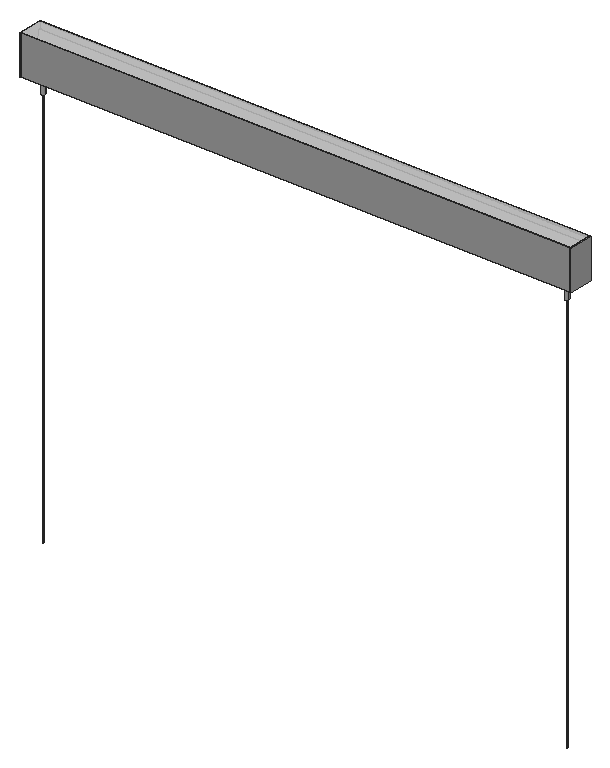
Revit family "2093109 Sylvania Lighting Fixture MC2-KIT D I 1-2M 3K DALI WHT PRIS", category Lighting Fixtures, host Face, Revit 2016
Family settings
  Host = Face
  Part Type = Normal
  Round Connector Dimension = Use Diameter
  OmniClass Number = 23.80.70.11.17
  OmniClass Title = Specialized Lighting by Location or Use
  Cut with Voids When Loaded = No
  Light Source = Yes
  Shared = No
  Room Calculation Point = No
Parameters (values of type "2093109 MC2-KIT D/I 1.2M 3K DALI WHT PRIS")
  Width_SYL = 54.0 mm
  Weight = "3.4 kg"
  Wattage = 32 W
  WarrantyStartDate [instance] = "n/a"
  WarrantyGuarantorParts = "n/a"
  WarrantyDurationUnit = "n/a"
  WarrantyDurationParts = "n/a"
  WarrantyDescription = "n/a"
  built-in parameter 1150110 = 1 (stored number, unit not read)
  Voltage = 0 V
  URL = "http://www.sylvania-lighting.com"
  TypeName = "MC2-KIT D/I 1.2M 3K DALI WHT PRIS"
  built-in parameter 1114217 = 1 (stored number, unit not read)
  Tilt Angle = -90.00°
  built-in parameter 1150109 = 1 (stored number, unit not read)
  built-in parameter 1150134 = (empty or 0)
  built-in parameter 1150113 = 1 (stored number, unit not read)
  SerialNumber [instance] = "n/a"
  PowerFactor = 0.95
  PowerConsumption = "32 W"
  NominalWidth = 0.0 mm
  NominalLength = 1200.0 mm
  NominalHeight = 86.0 mm
  Name = "MC2-KIT D/I 1.2M 3K DALI WHT PRIS"
  ModelReference = "MC2-KIT D/I 1.2M 3K DALI WHT PRIS"
  ModelNumber = "2093109"
  Material_3_SYL = Metal_Sylvania_Mini Contiuum II_Silver
  Photometric Web File = "2093109.ies"
  Material_4_SYL = Metal_Sylvania_Mini Contiuum II_Silver
  MountingHeight_SYL [instance] = 1000.0 mm
  Material = "aluminium housing, polycarbonate diffuser"
  ManufacturerName = "Feilo Sylvania"
  LuminousEfficacy = "116 lm/W"
  LuminaireType = ""
  LightOutputRatio = "100"
  Length_SYL = 1200.0 mm
  LampsType = Lamp  # "LED"
  LampNominalLuminous = "3696 lm"
  LampMacAdamStep = "3"
  LampColourTemperature = "3000 K"
  LampColourRenderingIndex = "80"
  Keynote = "16500"
  InstallationDate [instance] = "n/a"
  InputVoltage = "n/a"
  InputNominalFrequency = "n/a"
  IngressProtection = "IP20"
  ImpactProtectionIndex = "n/a"
  IfcExportType = "IfcLightFixtureType"
  IfcExportAs = "IfcLightFixtureType"
  Height_SYL = 86.0 mm
  ExpectedLife = 50000
  EndCapRight_SYL = yes
  EndCapLeft_SYL = yes
  Emit from Rectangle Width = Width_SYL - 2.0 mm  # 52.0 mm
  Emit from Rectangle Length = Length_SYL  # 1200.0 mm
  Emit Shape Visible in Rendering = no
  ElectricShockClassification = "Class I"
  DurationUnit = "hours"
  DocumentationLiterature = "http://www.sylvania-lighting.com/product/en-int/products/2093109"
  DimmingControlOptions = "n/a"
  CreatedOn = "10/15/2018"
  CreatedBy = "@sylvania-lighting.com"
  built-in parameter 1114216 [instance] = 1 (stored number, unit not read)
  Model = "MC2-KIT D/I 1.2M 3K DALI WHT PRIS"
  Manufacturer = "Feilo Sylvania"
  built-in parameter 1150105 = 295.39 (stored number, unit not read)
  Lumens = 3712 lm
  built-in parameter 1150115 = 1 (stored number, unit not read)
  built-in parameter 1150137 = (empty or 0)
  built-in parameter 1150139 = (empty or 0)
  built-in parameter 1150112 = 1 (stored number, unit not read)
  built-in parameter 1150114 = 1 (stored number, unit not read)
  Lamp = "LED"
  built-in parameter 1150132 = 2
  built-in parameter 1150102 = (empty or 0)
  built-in parameter 1150107 = 3000 (stored number, unit not read)
  built-in parameter 1150138 = (empty or 0)
  built-in parameter 1150106 = 2.9539 (stored number, unit not read)
  Material_1_SYL = Metal_Sylvania_Mini Continuum II_White
  built-in parameter 1150104 = 10.777 (stored number, unit not read)
  Dimming Lamp Color Temperature Shift = <None>
  Material_2_SYL = Polycarbonate_Sylvania_Mini Continuum II_Opal_4000K
  Description = "2093109   MC2-KIT D/I 1.2M 3K DALI WHT PRIS  Continuous lines of LED light, white RAL 9016, direct/indirect distribution (65/35), suspended kit version is pre-wired and supplied complete with end caps and suspension cables, compact and minimalist design based on the Golden Mean, ideal for offices, meeting rooms, corridors, education facilities, museums and libraries, extruded aluminium body, diffuser: micro prismatic, colour temperature: 3000K warm white, total system power: 32W, total fixture output: 3696lm, luminaire efficacy: 116lm/W, LOR: 100%, colour rendering: Ra >80, LED Chromacity: 1 step MacAdam ellipse, lifetime: 60,000 hours at 90% of the original output (L90), energy class: A++, A+, A, IR/UV free light source without heat radiation, operating voltage: 220-240V / 50-60Hz, drive current: (Direct) 800mA + (Indirect) 350mA, electronic driver, DALI dimmable, direct/indirect independently addressable, electrical protection: CLASS I, IP20, suitable for internal environment only."
  Default Elevation = 0.0 mm
  Color Filter = 16777215
  built-in parameter 1140040 [instance] = 1
  BarCode [instance] = "n/a"
  built-in parameter 1114218 = 1 (stored number, unit not read)
  built-in parameter 1150133 = 10 (stored number, unit not read)
  AssetType = "Fixed"
  AssetIdentifier [instance] = "n/a"
  Assembly Code = "D5020200"
  Apparent Load = 32 VA
Reference planes
  plane 1 "Center (Front/Back)": y = 0
  plane 2 "Bottom Fixtures": z = 0
  plane 3 "Center (Left/Right)": x = 0
  plane 4 "Fixture Left": x = -600
  plane 5 "Fixture Right": x = 600
  plane 6 "Fixture Bottom": z = 1000
  plane 7: z = 998
  plane 8: z = 996
  plane 9: z = 986.951
  plane 10: z = 956.951
  plane 11 "Fixture Top": z = 914
  plane 12 "Mounting Right": x = 572
  plane 13 "Mounting Left": x = -572
  plane 14: z = 879
  plane 15: y = 27
  plane 16: y = -27
  plane 17: y = -26
  plane 18: y = -25
  plane 19: y = 26
  plane 20: y = 25
  plane 21: y = 11
  plane 22: y = -11
  plane 23: y = 24
  plane 24: y = 22
  plane 25: y = -22
  plane 26: y = 15
  plane 27: y = -15
  plane 28 "Upper Diffuser Left": x = -450
  plane 29 "Upper Diffuser Right": x = 450
  plane 30: x = -602
  plane 31: x = 602
Forms (mm)
  Extrusion 1, solid, material "Metal_Sylvania_Mini Continuum II_White" <- "Material_1_SYL", detail levels fine
    sketch origin (0, 0, 520) x (0, 1, 0) y (0, 0, 1)
      loop
        line (27, 480) -> (26, 480) -> (26, 478) -> (25, 478) -> (25, 396) -> (13, 396) -> (13, 398) -> (-13, 398) -> (-13, 396) -> (-25, 396) -> (-25, 478) -> (-26, 478) -> (-26, 480) -> (-27, 480) -> (-27, 394) -> (-11, 394) -> (-11, 396) -> (11, 396) -> (11, 394) -> (27, 394) -> (27, 480)
    from -600 to 600
  Extrusion 2, solid, material "Polycarbonate_Sylvania_Mini Continuum II_Opal_4000K" <- "Material_2_SYL", detail levels fine
    sketch origin (0, 0, 520) x (0, 1, 0) y (0, 0, 1)
      loop
        line (-26, 480) -> (-26, 478) -> (26, 478) -> (26, 480) -> (-26, 480)
    from -600 to 600
  Extrusion 3, solid, material "Metal_Sylvania_Mini Contiuum II_Silver" <- "Material_3_SYL", detail levels fine
    sketch origin (0, 0, 520) x (0, 1, 0) y (0, 0, 1)
      loop
        line (22, 466.951) -> (20.973, 466.951) -> (14.206, 437.951) -> (11, 437.951) -> (11, 436.951) -> (15, 436.951) -> (22, 466.951)
      loop
        line (-15, 436.951) -> (-11, 436.951) -> (-11, 437.951) -> (-14.206, 437.951) -> (-20.973, 466.951) -> (-22, 466.951) -> (-15, 436.951)
    from -600 to 600
  Extrusion 4, solid, material "Metal_Sylvania_Mini Continuum II_White" <- "Material_1_SYL", detail levels coarse+medium
    sketch origin (0, 0, 520) x (0, 1, 0) y (0, 0, 1)
      loop
        line (-27, 480) -> (-27, 394) -> (27, 394) -> (27, 480) -> (-27, 480)
    from -600 to 600
  Extrusion 5, solid, material "Metal_Sylvania_Mini Contiuum II_Silver" <- "Material_4_SYL", detail levels fine
    sketch origin (0, 0, -86) x (-1, 0, 0) y (0, -1, 0)
      loop
        circle (572, 0) r 4
      loop
        circle (-572, 0) r 4
    from 965 to 1002
  Extrusion 6, solid, material "Metal_Sylvania_Mini Contiuum II_Silver" <- "Material_4_SYL", detail levels fine
    sketch origin (0, 0, -86) x (-1, 0, 0) y (0, -1, 0)
      loop
        circle (-572, 0) r 1
      loop
        circle (572, 0) r 1
    from 86 to 965
  Extrusion 7, solid, material "Polycarbonate_Sylvania_Mini Continuum II_Opal_4000K" <- "Material_2_SYL", detail levels fine
    sketch origin (0, 0, 0) x (0, 1, 0) y (0, 0, 1)
      loop
        arc (11, 916) -> (5.59, 914.504) -> (0, 914) r 31.25
        arc (0, 914) -> (-5.59, 914.504) -> (-11, 916) r 31.25
        line (-11, 916) -> (-11, 914.934)
        arc (-11, 914.934) -> (-5.584, 913.487) -> (0, 913) r 32.25
        arc (0, 913) -> (5.584, 913.487) -> (11, 914.934) r 32.25
        line (11, 914.934) -> (11, 916)
    from -450 to 450
  Extrusion 8, void
    sketch origin (0, 0, 0) x (0, 1, 0) y (0, 0, 1)
      loop
        line (11, 918) -> (-11, 918) -> (-11, 916) -> (11, 916) -> (11, 918)
    from -450 to 450
  Extrusion 9, solid, material "Metal_Sylvania_Mini Continuum II_White" <- "Material_1_SYL", visible <- "EndCapLeft_SYL"
    sketch origin (-600, 171.684, 1219.2) x (0, 1, 0) y (0, 0, 1)
      loop
        line (-198.684, -305.2) -> (-144.684, -305.2) -> (-144.684, -219.2) -> (-198.684, -219.2) -> (-198.684, -305.2)
    from 0 to -2
  Extrusion 10, solid, material "Metal_Sylvania_Mini Continuum II_White" <- "Material_1_SYL", visible <- "EndCapRight_SYL"
    sketch origin (600, 171.684, 1219.2) x (0, 1, 0) y (0, 0, -1)
      loop
        line (-144.684, 219.2) -> (-144.684, 305.2) -> (-198.684, 305.2) -> (-198.684, 219.2) -> (-144.684, 219.2)
    from 0 to -2
Cuts and joins
  Extrusion 8 cuts Extrusion 1
Lines and regions (mm)
  Masking region 1
    outline origin (0, 0, -86) x (-1, 0, 0) y (0, -1, 0)
      loop
        line (600, -27) -> (600, 27) -> (-600, 27) -> (-600, -27) -> (600, -27)
  symbolic lines, detail levels fine
    curve 1: line (-600, 26, -86) -> (600, 26, -86)
    curve 2: line (-600, -26, -86) -> (600, -26, -86)
  model lines, detail levels coarse+medium
    curve 3: line (-572, 0, 914) -> (-572, 0, 0)
    curve 4: line (572, 0, 914) -> (572, 0, 0)
Dimensions and locks
  host sketch curve to plane 3 "Center (Left/Right)" to host sketch curve = 820.0 mm, 775.047 mm
  equal spacing: plane 4 "Fixture Left", plane 3 "Center (Left/Right)", plane 5 "Fixture Right"
  "Length_SYL": plane 4 "Fixture Left" to plane 5 "Fixture Right"
  plane 6 "Fixture Bottom" to plane 7 to plane 8 to plane 9 to plane 10 = 2.0 mm locked, 2.0 mm locked, 9.049 mm locked, 30.0 mm locked
  locked: Extrusion 1 sketch curve to Extrusion 1 sketch curve at 2
  locked: Extrusion 1 sketch curve to plane 11 "Fixture Top" at 2
  "Height_SYL": plane 6 "Fixture Bottom" to plane 11 "Fixture Top"
  locked: plane 12 "Mounting Right" to plane 5 "Fixture Right" at 28
  locked: plane 4 "Fixture Left" to plane 13 "Mounting Left" at 28
  locked: plane 11 "Fixture Top" to plane 14 at 35
  "MountingHeight_SYL": plane 6 "Fixture Bottom" to plane 2 "Bottom Fixtures"
  equal spacing: plane 15, plane 1 "Center (Front/Back)", plane 16
  "Width_SYL": plane 15 to plane 16
  plane 22 to plane 27 to plane 25 to plane 18 to plane 17 to plane 16 = 4.0 mm locked, 7.0 mm locked, 3.0 mm locked, 1.0 mm locked, 1.0 mm locked
  plane 15 to plane 19 to plane 20 to plane 23 to plane 24 to plane 26 to plane 21 = 1.0 mm locked, 1.0 mm locked, 1.0 mm locked, 2.0 mm locked, 7.0 mm locked, 4.0 mm locked
  locked: plane 4 "Fixture Left" to plane 28 "Upper Diffuser Left" at 150
  locked: plane 29 "Upper Diffuser Right" to plane 5 "Fixture Right" at 150
  equal spacing: plane 30, plane 3 "Center (Left/Right)", plane 31
  locked: plane 30 to plane 4 "Fixture Left" at 2
  aligned and locked: plane 2 "Bottom Fixtures" to host face
  aligned and locked: level to host face
  aligned and locked: plane 5 "Fixture Right" to curve 1
  aligned and locked: plane 4 "Fixture Left" to curve 1
  aligned and locked: plane 4 "Fixture Left" to curve 2
  aligned and locked: plane 5 "Fixture Right" to curve 2
  aligned and locked: Extrusion 1 sketch curve to plane 7
  aligned and locked: plane 6 "Fixture Bottom" to Extrusion 1 sketch curve  (x2)
  aligned and locked: plane 7 to Extrusion 1 sketch curve
  aligned and locked: Extrusion 1 to Extrusion 2 sketch curve
  aligned and locked: Extrusion 2 sketch curve to Extrusion 1  (x3)
  aligned and locked: Extrusion 3 sketch curve to plane 10
  aligned and locked: plane 9 to Extrusion 3 sketch curve
  aligned and locked: Extrusion 3 sketch curve to plane 9
  aligned and locked: Extrusion 4 sketch curve to plane 6 "Fixture Bottom"
  aligned and locked: Extrusion 4 to plane 4 "Fixture Left"
  aligned and locked: Extrusion 2 to plane 4 "Fixture Left"
  aligned and locked: Extrusion 3 to plane 4 "Fixture Left"
  aligned and locked: Extrusion 1 to plane 4 "Fixture Left"
  aligned and locked: Extrusion 4 to plane 5 "Fixture Right"
  aligned and locked: Extrusion 2 to plane 5 "Fixture Right"
  aligned and locked: Extrusion 3 to plane 5 "Fixture Right"
  aligned and locked: Extrusion 1 to plane 5 "Fixture Right"
  aligned and locked: plane 11 "Fixture Top" to Extrusion 4 sketch curve
  aligned and locked: Extrusion 1 sketch curve to plane 11 "Fixture Top"  (x2)
  aligned and locked: Extrusion 1 sketch curve to Extrusion 1 sketch curve
  aligned and locked: plane 6 "Fixture Bottom" to imposter light
  aligned and locked: plane 11 "Fixture Top" to curve 3
  aligned and locked: plane 2 "Bottom Fixtures" to curve 3
  aligned and locked: plane 11 "Fixture Top" to curve 4
  aligned and locked: plane 2 "Bottom Fixtures" to curve 4
  aligned and locked: curve 4 to plane 12 "Mounting Right"
  aligned and locked: curve 3 to plane 13 "Mounting Left"
  aligned and locked: Extrusion 5 to Extrusion 1
  aligned and locked: Extrusion 5 to plane 14
  aligned and locked: plane 14 to Extrusion 6
  aligned and locked: Extrusion 6 to level
  aligned and locked: plane 11 "Fixture Top" to Extrusion 7 sketch curve
  aligned and locked: Extrusion 7 to plane 28 "Upper Diffuser Left"
  aligned and locked: Extrusion 7 to plane 29 "Upper Diffuser Right"
  aligned and locked: plane 21 to Extrusion 3 sketch curve
  aligned and locked: Extrusion 3 sketch curve to plane 22
  aligned and locked: Extrusion 8 sketch curve to plane 21
  aligned and locked: Extrusion 8 sketch curve to plane 22
  aligned and locked: Extrusion 8 sketch curve to Extrusion 1  (x2)
  aligned and locked: Extrusion 8 to Extrusion 7  (x2)
  aligned and locked: plane 21 to Extrusion 7 sketch curve
  aligned and locked: plane 1 "Center (Front/Back)" to Extrusion 7 sketch curve
  aligned and locked: plane 22 to Extrusion 7 sketch curve
  aligned and locked: Extrusion 9 sketch curve to Extrusion 4  (x4)
  aligned and locked: Extrusion 9 to plane 30
  aligned and locked: plane 4 "Fixture Left" to Extrusion 9
  aligned and locked: Extrusion 10 sketch curve to Extrusion 4  (x4)
  aligned and locked: plane 31 to Extrusion 10
  aligned and locked: plane 5 "Fixture Right" to Extrusion 10
Automatic sketch dimensions
  host sketch curve to host sketch curve = 1047.463 mm
  plane 19 to curve 1 = 0.0 mm
  curve 2 to plane 17 = 0.0 mm
  Masking region 1 sketch curve to plane 5 "Fixture Right" = 0.0 mm
  Masking region 1 sketch curve to plane 4 "Fixture Left" = 0.0 mm
  plane 15 to Masking region 1 sketch curve = 0.0 mm
  Masking region 1 sketch curve to plane 16 = 0.0 mm
  Extrusion 1 sketch curve to plane 16 = 0.0 mm
  Extrusion 1 sketch curve to plane 17 = 0.0 mm
  Extrusion 1 sketch curve to plane 18 = 0.0 mm
  Extrusion 1 sketch curve to plane 22 = 0.0 mm
  Extrusion 1 sketch curve to plane 21 = 0.0 mm
  Extrusion 1 sketch curve to plane 20 = 0.0 mm
  Extrusion 1 sketch curve to plane 19 = 0.0 mm
  Extrusion 1 sketch curve to plane 15 = 0.0 mm
  plane 11 "Fixture Top" to Extrusion 1 sketch curve = 2.0 mm
  Extrusion 1 sketch curve to plane 22 = 2.0 mm
  Extrusion 1 sketch curve to plane 21 = 2.0 mm
  Extrusion 3 sketch curve to plane 25 = 0.0 mm
  Extrusion 3 sketch curve to plane 27 = 0.0 mm
  Extrusion 3 sketch curve to plane 26 = 0.0 mm
  Extrusion 3 sketch curve to plane 24 = 0.0 mm
  plane 10 to Extrusion 3 sketch curve = 1.0 mm
  Extrusion 3 sketch curve to Extrusion 3 sketch curve = 1.027 mm
  plane 27 to Extrusion 3 sketch curve = 0.794 mm
  plane 26 to Extrusion 3 sketch curve = 0.794 mm
  plane 24 to Extrusion 3 sketch curve = 1.027 mm
  Extrusion 4 sketch curve to plane 16 = 0.0 mm
  Extrusion 4 sketch curve to plane 15 = 0.0 mm
  plane 1 "Center (Front/Back)" to Extrusion 5 sketch curve = 0.0 mm  (x2)
  Extrusion 5 sketch curve to plane 12 "Mounting Right" = 0.0 mm
  Extrusion 5 sketch curve to plane 13 "Mounting Left" = 0.0 mm
  plane 1 "Center (Front/Back)" to Extrusion 6 sketch curve = 0.0 mm  (x2)
  Extrusion 6 sketch curve to plane 12 "Mounting Right" = 0.0 mm
  Extrusion 6 sketch curve to plane 13 "Mounting Left" = 0.0 mm
  Extrusion 7 sketch curve to Extrusion 7 sketch curve = 0.0 mm  (x4)
  plane 11 "Fixture Top" to Extrusion 7 sketch curve = 0.934 mm
  Extrusion 3 sketch curve to Extrusion 3 sketch curve = 0.0 mm
  Extrusion 3 sketch curve to plane 10 = 0.0 mm
  plane 11 "Fixture Top" to Extrusion 7 sketch curve = 2.0 mm
  radius of Extrusion 5 sketch curve = 4.0 mm  (x2)
  radius of Extrusion 6 sketch curve = 1.0 mm  (x2)
Connectors
  electrical at (600, 0, 949), driven by "Apparent Load"
    settings: on Extrusion 1, index 1, voltage 230 V, apparent load 0 VA, apparent load phase1 32 VA, apparent load phase2 0 VA, apparent load phase3 0 VA, power factor 1, load classification "Lighting", number of poles 1, system type 31, power factor state 1, is connector primary yes, connector utility no, sub classification motor no, connector description ""
